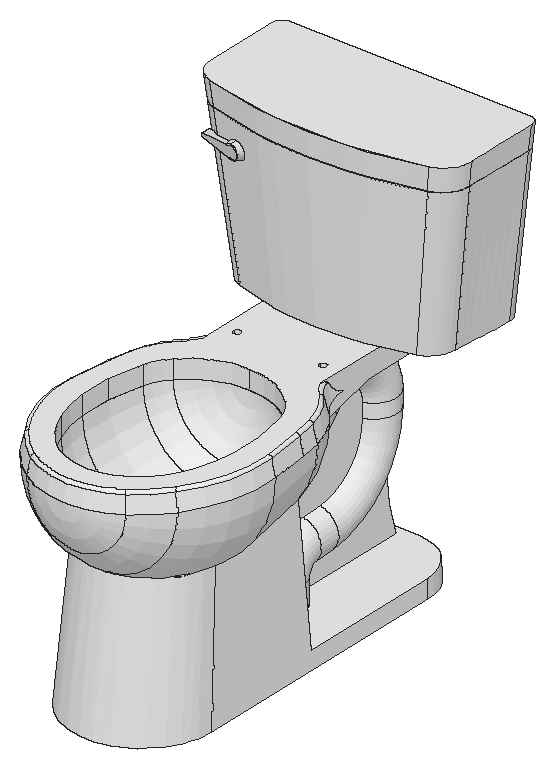
Revit family "Plumbing-Pressure-Assist-Water-Closet-Sloan-Valve-WETS-80298016_", category Plumbing Fixtures, host Face, Revit 2019
Family settings
  Host = Face
  Round Connector Dimension = Use Diameter
  Part Type = Normal
  OmniClass Number = 23.45.05.21.11.11
  OmniClass Title = Water Operated Water Closets
  Cut with Voids When Loaded = No
  Shared = No
  Room Calculation Point = No
Parameters (values of type "WETS-8029.8016")
  Width = 18 1/4"  # constant formula
  Water Closet Code = "2108029"
  Valve Pressure Drop = 0.00 psi
  Tank Code = "2108016"
  Sanitary Drain Connector Description = "Sanitary Drain Connector d2 1/8\""
  Sanitary Drain Connection Diameter = 2 1/8"  # constant formula
  Real Distance to Wall [instance] = if(Distance to Wall < 3/4", 3/4", Distance to Wall)  # 3/4"
  Waste Connection = yes
  WFU = 10
  Vent Connection = yes
  URL = "www.sloanvalve.com"
  Product data url = "https://bimobject.com/sloan_valve/product/pressure-assist-water-closets_sloan_wets-80298016"
  Product Material = Sloan Valve - Vitreous China - White
  Product Guid = ""
  Part Number = "WETS-8029.8016"
  Model = "WETS-8029.8016"
  Minimum Static Pressure = "25 PSI (172 kPa)"  # constant formula
  Maximum Static Pressure = "80 PSI (552 kPa)\r"  # constant formula
  Manufacturer = "Sloan Valve"  # constant formula
  Keynote = "15410"
  Height = 29 5/8"  # constant formula
  HWFU = 0
  HW Connection = yes
  Flush Rate = "1.0 gpf (3.8 Lpf)"
  Depth = 30 3/8"  # constant formula
  Cold Water Connector Description = "Cold Water Connector d1/2\""
  Cold Water Connection Diameter = 1/2"  # constant formula
  Edition number = 1
  Distance to Wall [instance] = 3/4"
  Description = "Floor-Mounted 1.0 gpf (3.8 Lpf) ADA 12\" Rough-in Pressure-Assisted/Tank Toilet."
  Default Elevation = 0"
  CWFU = 10
  CW Connection = yes
  Assembly Code = "D2010"
  ADA Compliant [instance] = 1 = 1  # yes
Reference planes
  plane 1 "Center (Front/Back)": y = 0
  plane 2: z = 0
  plane 3 "Center (Left/Right)": x = 0
  plane 4: x = -201.612
  plane 5: x = 201.613
  plane 6: y = -762.786
  plane 7: y = -19.05
  plane 8: x = -201.612
  plane 9: x = 201.613
  plane 10: y = -762.786
  plane 11: y = -19.05
Forms (mm)
  Blend 1, solid, material "Sloan Valve - Vitreous China - White" <- "Product Material"
    base sketch origin (0, 0, 38.1) x (1, 0, 0) y (0, 1, 0)
      loop
        arc (-34.925, -45.045) -> (-97.787, -71.084) -> (-123.825, -133.945) r 88.9
        line (-123.825, -133.945) -> (-123.825, -615.95)
        arc (-123.825, -615.95) -> (0, -739.775) -> (123.825, -615.95) r 123.825
        line (123.825, -615.95) -> (123.825, -133.945)
        arc (123.825, -133.945) -> (97.787, -71.084) -> (34.925, -45.045) r 88.9
        line (34.925, -45.045) -> (-34.925, -45.045)
    top sketch origin (0, 0, 38.1) x (1, 0, 0) y (0, 1, 0)
      loop
        arc (-109.537, -584.301) -> (0, -693.838) -> (109.537, -584.301) r 109.537
        line (109.537, -584.301) -> (109.537, -133.945)
        arc (109.537, -133.945) -> (83.499, -71.084) -> (20.637, -45.045) r 88.9
        line (20.637, -45.045) -> (-20.637, -45.045)
        arc (-20.637, -45.045) -> (-83.499, -71.084) -> (-109.537, -133.945) r 88.9
        line (-109.537, -133.945) -> (-109.537, -584.301)
    from -38.1 to 312.058
  Extrusion 2, solid, material "Sloan Valve - Vitreous China - White" <- "Product Material"
    sketch origin (0, 0, 12.7) x (0, 1, 0) y (0, 0, 1)
      loop
        line (-369.05, 348.14) -> (-241.882, 379.846) -> (-70.211, 379.846) -> (-64.931, 440.2) -> (-185.947, 440.2)
        arc (-185.947, 440.2) -> (-192.127, 425.28) -> (-207.047, 419.1) r 21.1
        line (-207.047, 419.1) -> (-369.05, 419.1) -> (-369.05, 348.14)
    from -104.047 to 104.047
  Sweep 3, solid, material "Sloan Valve - Vitreous China - White" <- "Product Material"
    path origin (0, 0, 38.1) x (0, 1, 0) y (0, 0, 1)
      loop
        line (-304.8, -38.1) -> (-304.8, 30.289)
        arc (-304.8, 30.289) -> (-293.174, 59.429) -> (-264.682, 72.564) r 42.333
        line (-264.682, 72.564) -> (-226.487, 74.566)
        arc (-226.487, 74.566) -> (-134.627, 116.914) -> (-97.145, 210.864) r 136.485
        line (-97.145, 210.864) -> (-97.145, 236.948)
        arc (-97.145, 236.948) -> (-144.28, 307.387) -> (-227.373, 290.682) r 76.2
        arc (-227.373, 290.682) -> (-233.15, 284.615) -> (-238.657, 278.301) r 192.236
        arc (-238.657, 278.301) -> (-334.604, 206.706) -> (-452.54, 186.145) r 257.901
    profile origin (0, -304.8, 34.195) x (0, -1, 0) y (1, 0, 0)
      loop
        circle (0, 0) r 38.1
  Extrusion 4, solid, material "Sloan Valve - Vitreous China - White" <- "Product Material"
    sketch origin (22.443, 0, 38.1) x (0, 1, 0) y (0, 0, 1)
      loop
        line (-68.2, 389.4) -> (-235.377, 389.4) -> (-261.569, 382.87) -> (-496.95, 175.082) -> (-480.799, -9.525) -> (-58.189, -9.525)
        arc (-58.189, -9.525) -> (-82.15, 106.794) -> (-68.088, 224.72) r 370.607
        arc (-68.088, 224.72) -> (-59.936, 265.377) -> (-58.507, 306.818) r 254
        arc (-58.507, 306.818) -> (-61.916, 348.278) -> (-68.2, 389.4) r 598.021
    from -28.793 to -16.093
  Extrusion 5, solid, not visible
    sketch origin (0, 0, 0) x (1, 0, 0) y (0, 0, 1)
      loop
        circle (-152.4, 254) r 6.35
    from 0 to 0.794
  Blend 6, solid, material "Sloan Valve - Vitreous China - White" <- "Product Material"
    base sketch origin (0, 0.822, 430.81) x (1, 0, 0) y (0, 1, 0)
      loop
        line (-196.16, -48.519) -> (-186.739, -156.202)
        arc (-186.739, -156.202) -> (-176.518, -182.59) -> (-153.766, -199.416) r 50.8
        arc (-153.766, -199.416) -> (0, -226.96) -> (153.766, -199.416) r 442.975
        arc (153.766, -199.416) -> (176.518, -182.59) -> (186.739, -156.202) r 50.8
        line (186.739, -156.202) -> (196.16, -48.519)
        arc (196.16, -48.519) -> (191.227, -33.989) -> (177.182, -27.809) r 19.05
        line (177.182, -27.809) -> (-177.182, -27.809)
        arc (-177.182, -27.809) -> (-191.227, -33.989) -> (-196.16, -48.519) r 19.05
    top sketch origin (0, 0.822, 430.81) x (1, 0, 0) y (0, 1, 0)
      loop
        arc (-212.725, -19.872) -> (-226.195, -25.451) -> (-231.775, -38.922) r 19.05
        line (-231.775, -38.922) -> (-231.775, -172.47)
        arc (-231.775, -172.47) -> (-221.507, -203.094) -> (-194.854, -221.338) r 50.8
        arc (-194.854, -221.338) -> (0, -248.472) -> (194.854, -221.338) r 713.209
        arc (194.854, -221.338) -> (221.507, -203.094) -> (231.775, -172.47) r 50.8
        line (231.775, -172.47) -> (231.775, -38.922)
        arc (231.775, -38.922) -> (226.195, -25.451) -> (212.725, -19.872) r 19.05
        line (212.725, -19.872) -> (-212.725, -19.872)
    from -37.11 to 321.665
  Extrusion 7, solid, material "Sloan Valve - Finish - Polished Chrome"
    sketch origin (-20.292, -269.587, 924.407) x (-0.97881, 0.203994, 0.017847) y (0, 0.087156, -0.996195)
      loop
        line (127, 257.261) -> (188.747, 261.579)
        arc (188.747, 261.579) -> (192.467, 265.466) -> (188.955, 269.542) r 4.001
        line (188.955, 269.542) -> (127, 277.149) -> (127, 257.261)
    from 0 to 12.7
  Revolve 8, solid, material "Sloan Valve - Finish - Polished Chrome"
    sketch origin (-369.854, -1316.287, 832.833) x (-0.204773, -0.975085, -0.085309) y (0, 0.087156, -0.996195)
      loop
        line (-1100.014, 265.639) -> (-1087.314, 265.639) -> (-1087.314, 277.803) -> (-1087.756, 278.482) -> (-1100.014, 282.465) -> (-1100.014, 265.639)
      axis (-1100.014, 265.639) -> (-1087.314, 265.639)
    angle from 0 to 360
  Revolve 9, solid, material "Sloan Valve - Vitreous China - White" <- "Product Material"
    sketch origin (0, -107.509, 398.463) x (1, 0, 0) y (0, 1, 0)
      loop
        line (0, -683.066) -> (0, -633.619)
        arc (0, -633.619) -> (-54.455, -620.155) -> (-96.361, -582.866) r 116.854
        arc (-96.361, -582.866) -> (-108.844, -562.27) -> (-118.928, -540.399) r 213.603
        arc (-118.928, -540.399) -> (-129.044, -507.813) -> (-134.203, -474.085) r 228.843
        arc (-134.203, -474.085) -> (-133.643, -413.542) -> (-122.68, -353.997) r 350.763
        arc (-122.68, -353.997) -> (-114.097, -332.991) -> (-100.788, -314.61) r 95.25
        arc (-100.788, -314.61) -> (-55.004, -282.028) -> (0, -270.524) r 137.251
        line (0, -270.524) -> (0, -209.239)
        arc (0, -209.239) -> (-18.194, -209.694) -> (-36.342, -211.057) r 364.157
        arc (-36.342, -211.057) -> (-122.715, -249.087) -> (-170.133, -330.684) r 152.4
        arc (-170.133, -330.684) -> (-180.229, -386.679) -> (-186.583, -443.221) r 855.912
        arc (-186.583, -443.221) -> (-178.018, -528.288) -> (-140.189, -604.962) r 240.102
        arc (-140.189, -604.962) -> (-116.352, -632.223) -> (-88.426, -655.277) r 223.457
        arc (-88.426, -655.277) -> (-46.345, -675.956) -> (0, -683.066) r 154.581
      axis (0, -209.239) -> (0, -683.066)
    angle from 0 to 180
  Extrusion 10, solid, material "Sloan Valve - Vitreous China - White" <- "Product Material"
    sketch origin (0, -122.297, 36.415) x (1, 0, 0) y (0, 0, 1)
      loop
        arc (57.698, 221.011) -> (0.981, 212.195) -> (-56.307, 215.748) r 266.082
        line (-56.307, 215.748) -> (-39.243, 151.174)
        arc (-39.243, 151.174) -> (0, 120.954) -> (39.243, 151.174) r 40.59
        line (39.243, 151.174) -> (57.698, 221.011)
    from 346.299 to 429.496
  Blend 11, solid, material "Sloan Valve - Vitreous China - White" <- "Product Material"
    base sketch origin (0, -108.545, 413.2) x (1, 0, 0) y (0, 0, 1)
      loop
        line (25.325, -14.42) -> (-25.325, -14.42) -> (-25.325, -20.654)
        arc (-25.325, -20.654) -> (0, -45.979) -> (25.325, -20.654) r 25.325
        line (25.325, -20.654) -> (25.325, -14.42)
    top sketch origin (0, -108.545, 413.2) x (1, 0, 0) y (0, 0, 1)
      loop
        line (46.038, -14.42) -> (-46.037, -14.42) -> (-46.037, -23.887)
        arc (-46.037, -23.887) -> (0, -69.925) -> (46.038, -23.887) r 46.037
        line (46.038, -23.887) -> (46.038, -14.42)
    from 129.035 to 108.105
  Blend 12, solid, material "Sloan Valve - Vitreous China - White" <- "Product Material"
    base sketch origin (0, -108.545, 413.2) x (1, 0, 0) y (0, 0, 1)
      loop
        line (46.038, -14.42) -> (-46.037, -14.42) -> (-46.037, -23.887)
        arc (-46.037, -23.887) -> (0, -69.925) -> (46.038, -23.887) r 46.037
        line (46.038, -23.887) -> (46.038, -14.42)
    top sketch origin (0, -108.545, 413.2) x (1, 0, 0) y (0, 0, 1)
      loop
        line (46.038, -14.42) -> (-46.037, -14.42) -> (-46.037, -43.731)
        arc (-46.037, -43.731) -> (0, -89.769) -> (46.038, -43.731) r 46.038
        line (46.038, -43.731) -> (46.038, -14.42)
    from 108.105 to 38.1
  Sweep 13, solid, material "Sloan Valve - Vitreous China - White" <- "Product Material"
    path origin (0, -122.297, 38.1) x (0, 1, 0) y (0, 0, 1)
      loop
        arc (-352.549, 201.173) -> (-327.484, 201.16) -> (-302.744, 205.182) r 155.194
        arc (-302.744, 205.182) -> (-278.132, 217.142) -> (-260.549, 238.11) r 65.532
        arc (-260.549, 238.11) -> (-246.125, 268.805) -> (-234.718, 300.744) r 352.298
        arc (-234.718, 300.744) -> (-234.446, 301.431) -> (-234.066, 302.064) r 4.499
        arc (-234.066, 302.064) -> (-210.936, 321.963) -> (-181.277, 329.121) r 65.024
        line (-181.277, 329.121) -> (-115.283, 329.121)
    profile origin (0, -270.577, 367.221) x (0, 0, 1) y (1, 0, 0)
      loop
        line (25.325, -25.325) -> (25.325, 25.325)
        arc (25.325, 25.325) -> (0, 0) -> (25.325, -25.325) r 25.325
  Sweep 14, solid, material "Sloan Valve - Vitreous China - White" <- "Product Material"
    path origin (0, 0, 38.1) x (1, 0, 0) y (0, 1, 0)
      loop
        line (-104.047, -185.947) -> (-104.047, -295.646)
        arc (-104.047, -295.646) -> (-111.251, -333.222) -> (-131.841, -365.47) r 101.6
        arc (-131.841, -365.47) -> (-155.982, -399.201) -> (-170.133, -438.192) r 152.4
        arc (-170.133, -438.192) -> (-174.125, -457.895) -> (-177.652, -477.686) r 855.912
        arc (-177.652, -477.686) -> (-182.903, -514.112) -> (-186.583, -550.729) r 855.912
        arc (-186.583, -550.729) -> (-178.018, -635.797) -> (-140.189, -712.47) r 240.102
        arc (-140.189, -712.47) -> (-116.352, -739.732) -> (-88.426, -762.786) r 223.457
        arc (-88.426, -762.786) -> (0, -790.575) -> (88.426, -762.786) r 154.581
        arc (88.426, -762.786) -> (116.352, -739.732) -> (140.189, -712.47) r 223.457
        arc (140.189, -712.47) -> (178.018, -635.797) -> (186.583, -550.729) r 240.102
        arc (186.583, -550.729) -> (182.903, -514.112) -> (177.652, -477.686) r 855.912
        arc (177.652, -477.686) -> (174.125, -457.895) -> (170.133, -438.192) r 855.912
        arc (170.133, -438.192) -> (155.982, -399.201) -> (131.841, -365.47) r 152.4
        arc (131.841, -365.47) -> (111.251, -333.222) -> (104.047, -295.646) r 101.6
        line (104.047, -295.646) -> (104.047, -185.947)
    profile origin (0, -790.575, 38.1) x (0, 1, 0) y (0, 0, 1)
      loop
        line (0, 360.362) -> (18.191, 360.362) -> (18.191, 393.7) -> (12.748, 393.7)
        arc (12.748, 393.7) -> (8.795, 392.32) -> (6.56, 388.778) r 6.35
        line (6.56, 388.778) -> (0, 360.362)
  Extrusion 15, void
    sketch origin (0, 0, 38.1) x (1, 0, 0) y (0, 1, 0)
      loop
        arc (118.928, -647.907) -> (129.044, -615.321) -> (134.203, -581.593) r 228.843
        arc (134.203, -581.593) -> (135.243, -552.98) -> (133.946, -524.377) r 350.763
        arc (133.946, -524.377) -> (129.747, -492.684) -> (122.68, -461.506) r 350.763
        arc (122.68, -461.506) -> (114.097, -440.499) -> (100.788, -422.119) r 95.25
        arc (100.788, -422.119) -> (55.004, -389.536) -> (0, -378.032) r 137.251
        arc (0, -378.032) -> (-55.004, -389.536) -> (-100.788, -422.119) r 137.251
        arc (-100.788, -422.119) -> (-114.097, -440.499) -> (-122.68, -461.506) r 95.25
        arc (-122.68, -461.506) -> (-129.747, -492.684) -> (-133.946, -524.377) r 350.763
        arc (-133.946, -524.377) -> (-135.243, -552.98) -> (-134.203, -581.593) r 350.763
        arc (-134.203, -581.593) -> (-129.044, -615.321) -> (-118.928, -647.907) r 228.843
        arc (-118.928, -647.907) -> (-108.844, -669.778) -> (-96.361, -690.375) r 213.603
        arc (-96.361, -690.375) -> (-54.455, -727.664) -> (0, -741.127) r 116.854
        arc (0, -741.127) -> (54.455, -727.664) -> (96.361, -690.375) r 116.854
        arc (96.361, -690.375) -> (108.844, -669.778) -> (118.928, -647.907) r 213.603
    from 360.362 to 393.7
  Extrusion 16, solid, material "Sloan Valve - Vitreous China - White" <- "Product Material"
    sketch origin (0, 0, 38.1) x (1, 0, 0) y (0, 1, 0)
      loop
        arc (-168.448, -552.159) -> (-160.532, -630.781) -> (-125.569, -701.646) r 221.912
        arc (-125.569, -701.646) -> (-103.673, -726.688) -> (-78.02, -747.865) r 205.266
        arc (-78.02, -747.865) -> (0, -772.384) -> (78.02, -747.865) r 136.39
        arc (78.02, -747.865) -> (103.673, -726.688) -> (125.569, -701.646) r 205.266
        arc (125.569, -701.646) -> (160.532, -630.781) -> (168.448, -552.159) r 221.912
        arc (168.448, -552.159) -> (164.847, -516.319) -> (159.708, -480.668) r 837.721
        arc (159.708, -480.668) -> (156.255, -461.297) -> (152.348, -442.013) r 837.721
        arc (152.348, -442.013) -> (139.886, -407.676) -> (118.627, -377.971) r 134.209
        arc (118.627, -377.971) -> (110.867, -368.903) -> (104.047, -359.107) r 119.791
        line (104.047, -359.107) -> (104.047, -369.05) -> (-104.047, -369.05) -> (-104.047, -359.107)
        arc (-104.047, -359.107) -> (-110.867, -368.903) -> (-118.627, -377.971) r 119.791
        arc (-118.627, -377.971) -> (-139.886, -407.676) -> (-152.348, -442.013) r 134.209
        arc (-152.348, -442.013) -> (-156.255, -461.297) -> (-159.708, -480.668) r 837.721
        arc (-159.708, -480.668) -> (-164.847, -516.319) -> (-168.448, -552.159) r 837.721
    from 360.362 to 393.7
  Extrusion 17, void
    sketch origin (0, 0, 38.1) x (0, 1, 0) y (0, 0, 1)
      loop
        line (-419.1, 368.114) -> (-392.915, -6.35) -> (-10.202, -6.35) -> (-10.202, 368.114) -> (-419.1, 368.114)
    from -219.74 to 304.8
  Revolve 18, void
    sketch origin (0, -107.509, 398.463) x (1, 0, 0) y (0, 1, 0)
      loop
        line (0, -639.969) -> (0, -264.174)
        arc (0, -264.174) -> (-57.549, -276.21) -> (-105.451, -310.3) r 143.601
        arc (-105.451, -310.3) -> (-119.647, -329.906) -> (-128.802, -352.313) r 101.6
        arc (-128.802, -352.313) -> (-139.964, -412.935) -> (-140.534, -474.574) r 357.113
        arc (-140.534, -474.574) -> (-135.232, -509.238) -> (-124.835, -542.728) r 235.193
        arc (-124.835, -542.728) -> (-114.451, -565.249) -> (-101.598, -586.458) r 219.953
        arc (-101.598, -586.458) -> (-57.414, -625.773) -> (0, -639.969) r 123.204
      axis (0, -264.174) -> (0, -639.969)
    angle from 0 to 180
  Extrusion 19, void
    sketch origin (0, 0, 38.1) x (1, 0, 0) y (0, 1, 0)
      loop
        circle (-76.2, -307.975) r 6.35
      loop
        circle (76.2, -307.975) r 6.35
    from 341.312 to 499.954
  Extrusion 20, void
    sketch origin (0, 0, 31.75) x (1, 0, 0) y (0, 1, 0)
      loop
        arc (-212.725, -19.05) -> (-226.195, -24.63) -> (-231.775, -38.1) r 19.05
        line (-231.775, -38.1) -> (-231.775, -171.649)
        arc (-231.775, -171.649) -> (-221.507, -202.272) -> (-194.854, -220.516) r 50.8
        arc (-194.854, -220.516) -> (0, -247.65) -> (194.854, -220.516) r 713.209
        arc (194.854, -220.516) -> (221.507, -202.272) -> (231.775, -171.649) r 50.8
        line (231.775, -171.649) -> (231.775, -38.1)
        arc (231.775, -38.1) -> (226.195, -24.63) -> (212.725, -19.05) r 19.05
        line (212.725, -19.05) -> (-212.725, -19.05)
      loop
        line (-225.425, -38.1) -> (-225.425, -171.649)
        arc (-225.425, -171.649) -> (-216.441, -198.444) -> (-193.119, -214.408) r 44.45
        arc (-193.119, -214.408) -> (0, -241.3) -> (193.119, -214.408) r 706.859
        arc (193.119, -214.408) -> (216.441, -198.444) -> (225.425, -171.649) r 44.45
        line (225.425, -171.649) -> (225.425, -38.1)
        arc (225.425, -38.1) -> (221.705, -29.12) -> (212.725, -25.4) r 12.7
        line (212.725, -25.4) -> (-212.725, -25.4)
        arc (-212.725, -25.4) -> (-221.705, -29.12) -> (-225.425, -38.1) r 12.7
    from 678.093 to 679.681
  Extrusion 21, void
    sketch origin (0, 0, 0) x (0, 1, 0) y (0, 0, 1)
      loop
        line (-277.581, 431.8) -> (-277.581, 374.943) -> (-19.05, 374.943) -> (-19.05, 431.8) -> (-277.581, 431.8)
    from -215.364 to 214.072
  Blend 22, solid, material "Sloan Valve - Vitreous China - White" <- "Product Material", not visible
    base sketch origin (0, 0, 38.1) x (1, 0, 0) y (0, 1, 0)
      loop
        arc (-34.925, -45.045) -> (-97.787, -71.084) -> (-123.825, -133.945) r 88.9
        line (-123.825, -133.945) -> (-123.825, -615.95)
        arc (-123.825, -615.95) -> (0, -739.775) -> (123.825, -615.95) r 123.825
        line (123.825, -615.95) -> (123.825, -133.945)
        arc (123.825, -133.945) -> (97.787, -71.084) -> (34.925, -45.045) r 88.9
        line (34.925, -45.045) -> (-34.925, -45.045)
    top sketch origin (0, 0, 38.1) x (1, 0, 0) y (0, 1, 0)
      loop
        arc (-109.537, -584.301) -> (0, -693.838) -> (109.537, -584.301) r 109.537
        line (109.537, -584.301) -> (109.537, -133.945)
        arc (109.537, -133.945) -> (83.499, -71.084) -> (20.637, -45.045) r 88.9
        line (20.637, -45.045) -> (-20.637, -45.045)
        arc (-20.637, -45.045) -> (-83.499, -71.084) -> (-109.537, -133.945) r 88.9
        line (-109.537, -133.945) -> (-109.537, -584.301)
    from -38.1 to 312.058
  Extrusion 23, solid, material "Sloan Valve - Vitreous China - White" <- "Product Material", not visible
    sketch origin (0, 0, 12.7) x (0, 1, 0) y (0, 0, 1)
      loop
        line (-369.05, 348.14) -> (-241.882, 379.846) -> (-70.211, 379.846) -> (-64.931, 440.2) -> (-185.947, 440.2)
        arc (-185.947, 440.2) -> (-192.127, 425.28) -> (-207.047, 419.1) r 21.1
        line (-207.047, 419.1) -> (-369.05, 419.1) -> (-369.05, 348.14)
    from -104.047 to 104.047
  Sweep 24, solid, material "Sloan Valve - Vitreous China - White" <- "Product Material", not visible
    path origin (0, 0, 38.1) x (0, 1, 0) y (0, 0, 1)
      loop
        line (-304.8, -38.1) -> (-304.8, 30.289)
        arc (-304.8, 30.289) -> (-293.174, 59.429) -> (-264.682, 72.564) r 42.333
        line (-264.682, 72.564) -> (-226.487, 74.566)
        arc (-226.487, 74.566) -> (-134.627, 116.914) -> (-97.145, 210.864) r 136.485
        line (-97.145, 210.864) -> (-97.145, 236.948)
        arc (-97.145, 236.948) -> (-144.28, 307.387) -> (-227.373, 290.682) r 76.2
        arc (-227.373, 290.682) -> (-233.15, 284.615) -> (-238.657, 278.301) r 192.236
        arc (-238.657, 278.301) -> (-334.604, 206.706) -> (-452.54, 186.145) r 257.901
    profile origin (0, -304.8, 34.195) x (0, -1, 0) y (1, 0, 0)
      loop
        circle (0, 0) r 38.1
  Extrusion 25, solid, material "Sloan Valve - Vitreous China - White" <- "Product Material", not visible
    sketch origin (22.443, 0, 38.1) x (0, 1, 0) y (0, 0, 1)
      loop
        line (-68.2, 389.4) -> (-235.377, 389.4) -> (-261.569, 382.87) -> (-496.95, 175.082) -> (-480.799, -9.525) -> (-58.189, -9.525)
        arc (-58.189, -9.525) -> (-82.15, 106.794) -> (-68.088, 224.72) r 370.607
        arc (-68.088, 224.72) -> (-59.936, 265.377) -> (-58.507, 306.818) r 254
        arc (-58.507, 306.818) -> (-61.916, 348.278) -> (-68.2, 389.4) r 598.021
    from -28.793 to -16.093
  Blend 26, solid, material "Sloan Valve - Vitreous China - White" <- "Product Material", not visible
    base sketch origin (0, 0.822, 430.81) x (1, 0, 0) y (0, 1, 0)
      loop
        line (-196.16, -48.519) -> (-186.739, -156.202)
        arc (-186.739, -156.202) -> (-176.518, -182.59) -> (-153.766, -199.416) r 50.8
        arc (-153.766, -199.416) -> (0, -226.96) -> (153.766, -199.416) r 442.975
        arc (153.766, -199.416) -> (176.518, -182.59) -> (186.739, -156.202) r 50.8
        line (186.739, -156.202) -> (196.16, -48.519)
        arc (196.16, -48.519) -> (191.227, -33.989) -> (177.182, -27.809) r 19.05
        line (177.182, -27.809) -> (-177.182, -27.809)
        arc (-177.182, -27.809) -> (-191.227, -33.989) -> (-196.16, -48.519) r 19.05
    top sketch origin (0, 0.822, 430.81) x (1, 0, 0) y (0, 1, 0)
      loop
        arc (-212.725, -19.872) -> (-226.195, -25.451) -> (-231.775, -38.922) r 19.05
        line (-231.775, -38.922) -> (-231.775, -172.47)
        arc (-231.775, -172.47) -> (-221.507, -203.094) -> (-194.854, -221.338) r 50.8
        arc (-194.854, -221.338) -> (0, -248.472) -> (194.854, -221.338) r 713.209
        arc (194.854, -221.338) -> (221.507, -203.094) -> (231.775, -172.47) r 50.8
        line (231.775, -172.47) -> (231.775, -38.922)
        arc (231.775, -38.922) -> (226.195, -25.451) -> (212.725, -19.872) r 19.05
        line (212.725, -19.872) -> (-212.725, -19.872)
    from -37.11 to 321.665
  Extrusion 27, solid, material "Sloan Valve - Finish - Polished Chrome", not visible
    sketch origin (-20.292, -269.587, 924.407) x (-0.97881, 0.203994, 0.017847) y (0, 0.087156, -0.996195)
      loop
        line (127, 257.261) -> (188.747, 261.579)
        arc (188.747, 261.579) -> (192.467, 265.466) -> (188.955, 269.542) r 4.001
        line (188.955, 269.542) -> (127, 277.149) -> (127, 257.261)
    from 0 to 12.7
  Revolve 28, solid, material "Sloan Valve - Finish - Polished Chrome", not visible
    sketch origin (-369.854, -1316.287, 832.833) x (-0.204773, -0.975085, -0.085309) y (0, 0.087156, -0.996195)
      loop
        line (-1100.014, 265.639) -> (-1087.314, 265.639) -> (-1087.314, 277.803) -> (-1087.756, 278.482) -> (-1100.014, 282.465) -> (-1100.014, 265.639)
      axis (-1100.014, 265.639) -> (-1087.314, 265.639)
    angle from 0 to 360
  Revolve 29, solid, material "Sloan Valve - Vitreous China - White" <- "Product Material", not visible
    sketch origin (0, -107.509, 398.463) x (1, 0, 0) y (0, 1, 0)
      loop
        line (0, -683.066) -> (0, -633.619)
        arc (0, -633.619) -> (-54.455, -620.155) -> (-96.361, -582.866) r 116.854
        arc (-96.361, -582.866) -> (-108.844, -562.27) -> (-118.928, -540.399) r 213.603
        arc (-118.928, -540.399) -> (-129.044, -507.813) -> (-134.203, -474.085) r 228.843
        arc (-134.203, -474.085) -> (-133.643, -413.542) -> (-122.68, -353.997) r 350.763
        arc (-122.68, -353.997) -> (-114.097, -332.991) -> (-100.788, -314.61) r 95.25
        arc (-100.788, -314.61) -> (-55.004, -282.028) -> (0, -270.524) r 137.251
        line (0, -270.524) -> (0, -209.239)
        arc (0, -209.239) -> (-18.194, -209.694) -> (-36.342, -211.057) r 364.157
        arc (-36.342, -211.057) -> (-122.715, -249.087) -> (-170.133, -330.684) r 152.4
        arc (-170.133, -330.684) -> (-180.229, -386.679) -> (-186.583, -443.221) r 855.912
        arc (-186.583, -443.221) -> (-178.018, -528.288) -> (-140.189, -604.962) r 240.102
        arc (-140.189, -604.962) -> (-116.352, -632.223) -> (-88.426, -655.277) r 223.457
        arc (-88.426, -655.277) -> (-46.345, -675.956) -> (0, -683.066) r 154.581
      axis (0, -209.239) -> (0, -683.066)
    angle from 0 to 180
  Extrusion 30, solid, material "Sloan Valve - Vitreous China - White" <- "Product Material", not visible
    sketch origin (0, -122.297, 36.415) x (1, 0, 0) y (0, 0, 1)
      loop
        arc (57.698, 221.011) -> (0.981, 212.195) -> (-56.307, 215.748) r 266.082
        line (-56.307, 215.748) -> (-39.243, 151.174)
        arc (-39.243, 151.174) -> (0, 120.954) -> (39.243, 151.174) r 40.59
        line (39.243, 151.174) -> (57.698, 221.011)
    from 346.299 to 429.496
  Blend 31, solid, material "Sloan Valve - Vitreous China - White" <- "Product Material", not visible
    base sketch origin (0, -108.545, 413.2) x (1, 0, 0) y (0, 0, 1)
      loop
        line (25.325, -14.42) -> (-25.325, -14.42) -> (-25.325, -20.654)
        arc (-25.325, -20.654) -> (0, -45.979) -> (25.325, -20.654) r 25.325
        line (25.325, -20.654) -> (25.325, -14.42)
    top sketch origin (0, -108.545, 413.2) x (1, 0, 0) y (0, 0, 1)
      loop
        line (46.038, -14.42) -> (-46.037, -14.42) -> (-46.037, -23.887)
        arc (-46.037, -23.887) -> (0, -69.925) -> (46.038, -23.887) r 46.037
        line (46.038, -23.887) -> (46.038, -14.42)
    from 129.035 to 108.105
  Blend 32, solid, material "Sloan Valve - Vitreous China - White" <- "Product Material", not visible
    base sketch origin (0, -108.545, 413.2) x (1, 0, 0) y (0, 0, 1)
      loop
        line (46.038, -14.42) -> (-46.037, -14.42) -> (-46.037, -23.887)
        arc (-46.037, -23.887) -> (0, -69.925) -> (46.038, -23.887) r 46.037
        line (46.038, -23.887) -> (46.038, -14.42)
    top sketch origin (0, -108.545, 413.2) x (1, 0, 0) y (0, 0, 1)
      loop
        line (46.038, -14.42) -> (-46.037, -14.42) -> (-46.037, -43.731)
        arc (-46.037, -43.731) -> (0, -89.769) -> (46.038, -43.731) r 46.038
        line (46.038, -43.731) -> (46.038, -14.42)
    from 108.105 to 38.1
  Sweep 33, solid, material "Sloan Valve - Vitreous China - White" <- "Product Material", not visible
    path origin (0, -122.297, 38.1) x (0, 1, 0) y (0, 0, 1)
      loop
        arc (-352.549, 201.173) -> (-327.484, 201.16) -> (-302.744, 205.182) r 155.194
        arc (-302.744, 205.182) -> (-278.132, 217.142) -> (-260.549, 238.11) r 65.532
        arc (-260.549, 238.11) -> (-246.125, 268.805) -> (-234.718, 300.744) r 352.298
        arc (-234.718, 300.744) -> (-234.446, 301.431) -> (-234.066, 302.064) r 4.499
        arc (-234.066, 302.064) -> (-210.936, 321.963) -> (-181.277, 329.121) r 65.024
        line (-181.277, 329.121) -> (-115.283, 329.121)
    profile origin (0, -270.577, 367.221) x (0, 0, 1) y (1, 0, 0)
      loop
        line (25.325, -25.325) -> (25.325, 25.325)
        arc (25.325, 25.325) -> (0, 0) -> (25.325, -25.325) r 25.325
  Sweep 34, solid, material "Sloan Valve - Vitreous China - White" <- "Product Material", not visible
    path origin (0, 0, 38.1) x (1, 0, 0) y (0, 1, 0)
      loop
        line (-104.047, -185.947) -> (-104.047, -295.646)
        arc (-104.047, -295.646) -> (-111.251, -333.222) -> (-131.841, -365.47) r 101.6
        arc (-131.841, -365.47) -> (-155.982, -399.201) -> (-170.133, -438.192) r 152.4
        arc (-170.133, -438.192) -> (-174.125, -457.895) -> (-177.652, -477.686) r 855.912
        arc (-177.652, -477.686) -> (-182.903, -514.112) -> (-186.583, -550.729) r 855.912
        arc (-186.583, -550.729) -> (-178.018, -635.797) -> (-140.189, -712.47) r 240.102
        arc (-140.189, -712.47) -> (-116.352, -739.732) -> (-88.426, -762.786) r 223.457
        arc (-88.426, -762.786) -> (0, -790.575) -> (88.426, -762.786) r 154.581
        arc (88.426, -762.786) -> (116.352, -739.732) -> (140.189, -712.47) r 223.457
        arc (140.189, -712.47) -> (178.018, -635.797) -> (186.583, -550.729) r 240.102
        arc (186.583, -550.729) -> (182.903, -514.112) -> (177.652, -477.686) r 855.912
        arc (177.652, -477.686) -> (174.125, -457.895) -> (170.133, -438.192) r 855.912
        arc (170.133, -438.192) -> (155.982, -399.201) -> (131.841, -365.47) r 152.4
        arc (131.841, -365.47) -> (111.251, -333.222) -> (104.047, -295.646) r 101.6
        line (104.047, -295.646) -> (104.047, -185.947)
    profile origin (0, -790.575, 38.1) x (0, 1, 0) y (0, 0, 1)
      loop
        line (0, 360.362) -> (18.191, 360.362) -> (18.191, 393.7) -> (12.748, 393.7)
        arc (12.748, 393.7) -> (8.795, 392.32) -> (6.56, 388.778) r 6.35
        line (6.56, 388.778) -> (0, 360.362)
  Extrusion 35, void, not visible
    sketch origin (0, 0, 38.1) x (1, 0, 0) y (0, 1, 0)
      loop
        arc (118.928, -647.907) -> (129.044, -615.321) -> (134.203, -581.593) r 228.843
        arc (134.203, -581.593) -> (135.243, -552.98) -> (133.946, -524.377) r 350.763
        arc (133.946, -524.377) -> (129.747, -492.684) -> (122.68, -461.506) r 350.763
        arc (122.68, -461.506) -> (114.097, -440.499) -> (100.788, -422.119) r 95.25
        arc (100.788, -422.119) -> (55.004, -389.536) -> (0, -378.032) r 137.251
        arc (0, -378.032) -> (-55.004, -389.536) -> (-100.788, -422.119) r 137.251
        arc (-100.788, -422.119) -> (-114.097, -440.499) -> (-122.68, -461.506) r 95.25
        arc (-122.68, -461.506) -> (-129.747, -492.684) -> (-133.946, -524.377) r 350.763
        arc (-133.946, -524.377) -> (-135.243, -552.98) -> (-134.203, -581.593) r 350.763
        arc (-134.203, -581.593) -> (-129.044, -615.321) -> (-118.928, -647.907) r 228.843
        arc (-118.928, -647.907) -> (-108.844, -669.778) -> (-96.361, -690.375) r 213.603
        arc (-96.361, -690.375) -> (-54.455, -727.664) -> (0, -741.127) r 116.854
        arc (0, -741.127) -> (54.455, -727.664) -> (96.361, -690.375) r 116.854
        arc (96.361, -690.375) -> (108.844, -669.778) -> (118.928, -647.907) r 213.603
    from 360.362 to 393.7
  Extrusion 36, solid, material "Sloan Valve - Vitreous China - White" <- "Product Material", not visible
    sketch origin (0, 0, 38.1) x (1, 0, 0) y (0, 1, 0)
      loop
        arc (-168.448, -552.159) -> (-160.532, -630.781) -> (-125.569, -701.646) r 221.912
        arc (-125.569, -701.646) -> (-103.673, -726.688) -> (-78.02, -747.865) r 205.266
        arc (-78.02, -747.865) -> (0, -772.384) -> (78.02, -747.865) r 136.39
        arc (78.02, -747.865) -> (103.673, -726.688) -> (125.569, -701.646) r 205.266
        arc (125.569, -701.646) -> (160.532, -630.781) -> (168.448, -552.159) r 221.912
        arc (168.448, -552.159) -> (164.847, -516.319) -> (159.708, -480.668) r 837.721
        arc (159.708, -480.668) -> (156.255, -461.297) -> (152.348, -442.013) r 837.721
        arc (152.348, -442.013) -> (139.886, -407.676) -> (118.627, -377.971) r 134.209
        arc (118.627, -377.971) -> (110.867, -368.903) -> (104.047, -359.107) r 119.791
        line (104.047, -359.107) -> (104.047, -369.05) -> (-104.047, -369.05) -> (-104.047, -359.107)
        arc (-104.047, -359.107) -> (-110.867, -368.903) -> (-118.627, -377.971) r 119.791
        arc (-118.627, -377.971) -> (-139.886, -407.676) -> (-152.348, -442.013) r 134.209
        arc (-152.348, -442.013) -> (-156.255, -461.297) -> (-159.708, -480.668) r 837.721
        arc (-159.708, -480.668) -> (-164.847, -516.319) -> (-168.448, -552.159) r 837.721
    from 360.362 to 393.7
  Extrusion 37, void, not visible
    sketch origin (0, 0, 38.1) x (0, 1, 0) y (0, 0, 1)
      loop
        line (-419.1, 368.114) -> (-392.915, -6.35) -> (-10.202, -6.35) -> (-10.202, 368.114) -> (-419.1, 368.114)
    from -219.74 to 304.8
  Revolve 38, void, not visible
    sketch origin (0, -107.509, 398.463) x (1, 0, 0) y (0, 1, 0)
      loop
        line (0, -639.969) -> (0, -264.174)
        arc (0, -264.174) -> (-57.549, -276.21) -> (-105.451, -310.3) r 143.601
        arc (-105.451, -310.3) -> (-119.647, -329.906) -> (-128.802, -352.313) r 101.6
        arc (-128.802, -352.313) -> (-139.964, -412.935) -> (-140.534, -474.574) r 357.113
        arc (-140.534, -474.574) -> (-135.232, -509.238) -> (-124.835, -542.728) r 235.193
        arc (-124.835, -542.728) -> (-114.451, -565.249) -> (-101.598, -586.458) r 219.953
        arc (-101.598, -586.458) -> (-57.414, -625.773) -> (0, -639.969) r 123.204
      axis (0, -264.174) -> (0, -639.969)
    angle from 0 to 180
  Extrusion 39, void, not visible
    sketch origin (0, 0, 38.1) x (1, 0, 0) y (0, 1, 0)
      loop
        circle (-76.2, -307.975) r 6.35
      loop
        circle (76.2, -307.975) r 6.35
    from 341.312 to 499.954
  Extrusion 40, void, not visible
    sketch origin (0, 0, 31.75) x (1, 0, 0) y (0, 1, 0)
      loop
        arc (-212.725, -19.05) -> (-226.195, -24.63) -> (-231.775, -38.1) r 19.05
        line (-231.775, -38.1) -> (-231.775, -171.649)
        arc (-231.775, -171.649) -> (-221.507, -202.272) -> (-194.854, -220.516) r 50.8
        arc (-194.854, -220.516) -> (0, -247.65) -> (194.854, -220.516) r 713.209
        arc (194.854, -220.516) -> (221.507, -202.272) -> (231.775, -171.649) r 50.8
        line (231.775, -171.649) -> (231.775, -38.1)
        arc (231.775, -38.1) -> (226.195, -24.63) -> (212.725, -19.05) r 19.05
        line (212.725, -19.05) -> (-212.725, -19.05)
      loop
        line (-225.425, -38.1) -> (-225.425, -171.649)
        arc (-225.425, -171.649) -> (-216.441, -198.444) -> (-193.119, -214.408) r 44.45
        arc (-193.119, -214.408) -> (0, -241.3) -> (193.119, -214.408) r 706.859
        arc (193.119, -214.408) -> (216.441, -198.444) -> (225.425, -171.649) r 44.45
        line (225.425, -171.649) -> (225.425, -38.1)
        arc (225.425, -38.1) -> (221.705, -29.12) -> (212.725, -25.4) r 12.7
        line (212.725, -25.4) -> (-212.725, -25.4)
        arc (-212.725, -25.4) -> (-221.705, -29.12) -> (-225.425, -38.1) r 12.7
    from 678.093 to 679.681
  Extrusion 41, void, not visible
    sketch origin (0, 0, 0) x (0, 1, 0) y (0, 0, 1)
      loop
        line (-277.581, 431.8) -> (-277.581, 374.943) -> (-19.05, 374.943) -> (-19.05, 431.8) -> (-277.581, 431.8)
    from -215.364 to 214.072
Cuts and joins
  joined: Extrusion 7, Revolve 8
  Extrusion 20, Extrusion 21 cuts Blend 6
  Extrusion 19 cuts Extrusion 2
  Extrusion 15 cuts Extrusion 16
  joined: Extrusion 2, Sweep 14, Extrusion 16
  Extrusion 17, Revolve 18 cuts Blend 1
Lines and regions (mm)
  Masking region 1
    outline origin (0, 0, 0) x (1, 0, 0) y (0, 1, 0)
      loop
        line (212.725, -19.05) -> (-212.725, -19.05)
        arc (-212.725, -19.05) -> (-226.195, -24.63) -> (-231.775, -38.1) r 19.05
        line (-231.775, -38.1) -> (-231.775, -171.649)
        arc (-231.775, -171.649) -> (-221.507, -202.272) -> (-194.854, -220.516) r 50.8
        arc (-194.854, -220.516) -> (-159.548, -229.575) -> (-123.825, -236.819) r 713.209
        line (-123.825, -236.819) -> (-123.825, -355.877)
        arc (-123.825, -355.877) -> (-127.686, -360.797) -> (-131.841, -365.47) r 101.6
        arc (-131.841, -365.47) -> (-155.982, -399.201) -> (-170.133, -438.192) r 152.4
        arc (-170.133, -438.192) -> (-174.125, -457.895) -> (-177.652, -477.686) r 855.912
        arc (-177.652, -477.686) -> (-182.903, -514.112) -> (-186.583, -550.729) r 855.912
        arc (-186.583, -550.729) -> (-178.018, -635.797) -> (-140.189, -712.47) r 240.102
        arc (-140.189, -712.47) -> (-116.352, -739.732) -> (-88.426, -762.786) r 223.457
        arc (-88.426, -762.786) -> (0, -790.575) -> (88.426, -762.786) r 154.581
        arc (88.426, -762.786) -> (116.352, -739.732) -> (140.189, -712.47) r 223.457
        arc (140.189, -712.47) -> (178.018, -635.797) -> (186.583, -550.729) r 240.102
        arc (186.583, -550.729) -> (182.903, -514.112) -> (177.652, -477.686) r 855.912
        arc (177.652, -477.686) -> (174.125, -457.895) -> (170.133, -438.192) r 855.912
        arc (170.133, -438.192) -> (155.982, -399.201) -> (131.841, -365.47) r 152.4
        arc (131.841, -365.47) -> (127.686, -360.797) -> (123.825, -355.877) r 101.6
        line (123.825, -355.877) -> (123.825, -236.819)
        arc (123.825, -236.819) -> (159.548, -229.575) -> (194.854, -220.516) r 713.209
        arc (194.854, -220.516) -> (221.507, -202.272) -> (231.775, -171.649) r 50.8
        line (231.775, -171.649) -> (231.775, -38.1)
        arc (231.775, -38.1) -> (226.195, -24.63) -> (212.725, -19.05) r 19.05
  Masking region 2, not visible
    outline origin (0, 0, 0) x (1, 0, 0) y (0, 1, 0)
      loop
        line (212.725, -19.05) -> (-212.725, -19.05)
        arc (-212.725, -19.05) -> (-226.195, -24.63) -> (-231.775, -38.1) r 19.05
        line (-231.775, -38.1) -> (-231.775, -171.649)
        arc (-231.775, -171.649) -> (-221.507, -202.272) -> (-194.854, -220.516) r 50.8
        arc (-194.854, -220.516) -> (-159.548, -229.575) -> (-123.825, -236.819) r 713.209
        line (-123.825, -236.819) -> (-123.825, -355.877)
        arc (-123.825, -355.877) -> (-127.686, -360.797) -> (-131.841, -365.47) r 101.6
        arc (-131.841, -365.47) -> (-155.982, -399.201) -> (-170.133, -438.192) r 152.4
        arc (-170.133, -438.192) -> (-174.125, -457.895) -> (-177.652, -477.686) r 855.912
        arc (-177.652, -477.686) -> (-182.903, -514.112) -> (-186.583, -550.729) r 855.912
        arc (-186.583, -550.729) -> (-178.018, -635.797) -> (-140.189, -712.47) r 240.102
        arc (-140.189, -712.47) -> (-116.352, -739.732) -> (-88.426, -762.786) r 223.457
        arc (-88.426, -762.786) -> (0, -790.575) -> (88.426, -762.786) r 154.581
        arc (88.426, -762.786) -> (116.352, -739.732) -> (140.189, -712.47) r 223.457
        arc (140.189, -712.47) -> (178.018, -635.797) -> (186.583, -550.729) r 240.102
        arc (186.583, -550.729) -> (182.903, -514.112) -> (177.652, -477.686) r 855.912
        arc (177.652, -477.686) -> (174.125, -457.895) -> (170.133, -438.192) r 855.912
        arc (170.133, -438.192) -> (155.982, -399.201) -> (131.841, -365.47) r 152.4
        arc (131.841, -365.47) -> (127.686, -360.797) -> (123.825, -355.877) r 101.6
        line (123.825, -355.877) -> (123.825, -236.819)
        arc (123.825, -236.819) -> (159.548, -229.575) -> (194.854, -220.516) r 713.209
        arc (194.854, -220.516) -> (221.507, -202.272) -> (231.775, -171.649) r 50.8
        line (231.775, -171.649) -> (231.775, -38.1)
        arc (231.775, -38.1) -> (226.195, -24.63) -> (212.725, -19.05) r 19.05
  symbolic lines, detail levels medium+fine
    curve 1: arc (-123.825, -236.819, 0) -> (0, -247.65, 0) -> (123.825, -236.819, 0) r 713.209
  symbolic lines, detail levels fine
    curve 2: arc (-100.788, -422.119, 0) -> (-55.004, -389.536, 0) -> (0, -378.032, 0) r 137.251
    curve 3: arc (0, -378.032, 0) -> (55.004, -389.536, 0) -> (100.788, -422.119, 0) r 137.251
    curve 4: arc (100.788, -422.119, 0) -> (114.097, -440.499, 0) -> (122.68, -461.506, 0) r 95.25
    curve 5: arc (122.68, -461.506, 0) -> (129.747, -492.684, 0) -> (133.946, -524.377, 0) r 350.763
    curve 6: arc (133.946, -524.377, 0) -> (135.243, -552.98, 0) -> (134.203, -581.593, 0) r 350.763
    curve 7: arc (134.203, -581.593, 0) -> (129.044, -615.321, 0) -> (118.928, -647.907, 0) r 228.843
    curve 8: arc (118.928, -647.907, 0) -> (108.844, -669.778, 0) -> (96.361, -690.375, 0) r 213.603
    curve 9: arc (96.361, -690.375, 0) -> (54.455, -727.664, 0) -> (0, -741.127, 0) r 116.854
    curve 10: arc (0, -741.127, 0) -> (-54.455, -727.664, 0) -> (-96.361, -690.375, 0) r 116.854
    curve 11: arc (-96.361, -690.375, 0) -> (-108.844, -669.778, 0) -> (-118.928, -647.907, 0) r 213.603
    curve 12: arc (-118.928, -647.907, 0) -> (-129.044, -615.321, 0) -> (-134.203, -581.593, 0) r 228.843
    curve 13: arc (-134.203, -581.593, 0) -> (-135.243, -552.98, 0) -> (-133.946, -524.377, 0) r 350.763
    curve 14: arc (-133.946, -524.377, 0) -> (-129.747, -492.684, 0) -> (-122.68, -461.506, 0) r 350.763
    curve 15: arc (-122.68, -461.506, 0) -> (-114.097, -440.499, 0) -> (-100.788, -422.119, 0) r 95.25
    curve 16: circle (-76.2, -307.975, 0) r 6.35 normal (0, 0, 1)
    curve 17: circle (76.2, -307.975, 0) r 6.35 normal (0, 0, 1)
  symbolic lines, not visible, detail levels medium+fine
    curve 18: arc (-123.825, -236.819, 0) -> (0, -247.65, 0) -> (123.825, -236.819, 0) r 713.209
  symbolic lines, not visible, detail levels fine
    curve 19: arc (-100.788, -422.119, 0) -> (-55.004, -389.536, 0) -> (0, -378.032, 0) r 137.251
    curve 20: arc (0, -378.032, 0) -> (55.004, -389.536, 0) -> (100.788, -422.119, 0) r 137.251
    curve 21: arc (100.788, -422.119, 0) -> (114.097, -440.499, 0) -> (122.68, -461.506, 0) r 95.25
    curve 22: arc (122.68, -461.506, 0) -> (129.747, -492.684, 0) -> (133.946, -524.377, 0) r 350.763
    curve 23: arc (133.946, -524.377, 0) -> (135.243, -552.98, 0) -> (134.203, -581.593, 0) r 350.763
    curve 24: arc (134.203, -581.593, 0) -> (129.044, -615.321, 0) -> (118.928, -647.907, 0) r 228.843
    curve 25: arc (118.928, -647.907, 0) -> (108.844, -669.778, 0) -> (96.361, -690.375, 0) r 213.603
    curve 26: arc (96.361, -690.375, 0) -> (54.455, -727.664, 0) -> (0, -741.127, 0) r 116.854
    curve 27: arc (0, -741.127, 0) -> (-54.455, -727.664, 0) -> (-96.361, -690.375, 0) r 116.854
    curve 28: arc (-96.361, -690.375, 0) -> (-108.844, -669.778, 0) -> (-118.928, -647.907, 0) r 213.603
    curve 29: arc (-118.928, -647.907, 0) -> (-129.044, -615.321, 0) -> (-134.203, -581.593, 0) r 228.843
    curve 30: arc (-134.203, -581.593, 0) -> (-135.243, -552.98, 0) -> (-133.946, -524.377, 0) r 350.763
    curve 31: arc (-133.946, -524.377, 0) -> (-129.747, -492.684, 0) -> (-122.68, -461.506, 0) r 350.763
    curve 32: arc (-122.68, -461.506, 0) -> (-114.097, -440.499, 0) -> (-100.788, -422.119, 0) r 95.25
    curve 33: circle (-76.2, -307.975, 0) r 6.35 normal (0, 0, 1)
    curve 34: circle (76.2, -307.975, 0) r 6.35 normal (0, 0, 1)
Dimensions and locks
  "Real Distance to Wall": plane 1 "Center (Front/Back)" to plane 7
  aligned and locked: plane 2 to host face
  aligned and locked: level to host face
  aligned and locked: Masking region 1 to plane 7
Automatic sketch dimensions
  host sketch curve to host sketch curve = 96"  (x2)
  plane 7 to Blend 1 sketch curve = 23 1/2"
  Blend 1 sketch curve to Blend 1 sketch curve = 3 1/2"  (x2)
  Blend 1 sketch curve to Blend 1 sketch curve = 4 7/8"
  Blend 1 sketch curve to Blend 1 sketch curve = 2 3/4"
  plane 7 to Blend 1 sketch curve = 4 67/128"
  plane 7 to Blend 1 sketch curve = 22.25397"
  plane 7 to Blend 1 sketch curve = 1 3/128"
  Blend 1 sketch curve to Blend 1 sketch curve = 4 5/16"
  Blend 1 sketch curve to Blend 1 sketch curve = 1 5/8"
  plane 7 to Extrusion 2 sketch curve = 13.77953"
  Extrusion 2 sketch curve to Extrusion 2 sketch curve = 5.00662"
  Extrusion 2 sketch curve to Extrusion 2 sketch curve = 1.37144"
  Extrusion 2 sketch curve to Extrusion 2 sketch curve = 0.83072"
  plane 7 to Extrusion 2 sketch curve = 2.01421"
  plane 7 to Extrusion 2 sketch curve = 1.80632"
  Extrusion 2 sketch curve to Extrusion 2 sketch curve = 1.24829"
  Extrusion 2 sketch curve to Extrusion 2 sketch curve = 2.7937"
  Sweep 3 sketch curve to profile plane = 0"  (x2)
  plane 7 to Extrusion 4 sketch curve = 25.07129"
  Extrusion 4 sketch curve to Extrusion 4 sketch curve = 6.25633"
  Extrusion 4 sketch curve to Extrusion 4 sketch curve = 0.63587"
  Extrusion 4 sketch curve to Extrusion 4 sketch curve = 7.2727"
  Extrusion 4 sketch curve to Extrusion 4 sketch curve = 1.99428"
  Extrusion 4 sketch curve to Extrusion 4 sketch curve = 1.03117"
  plane 7 to Extrusion 4 sketch curve = 1.54092"
  plane 7 to Extrusion 4 sketch curve = 1.93503"
  Extrusion 4 sketch curve to plane 7 = 12.09356"
  Extrusion 4 sketch curve to Extrusion 4 sketch curve = 5.1955"
  Extrusion 4 sketch curve to Extrusion 4 sketch curve = 7.268"
  Extrusion 4 sketch curve to Extrusion 4 sketch curve = 4 19/256"
  Extrusion 4 sketch curve to Extrusion 4 sketch curve = 4.71404"
  Extrusion 4 sketch curve to Extrusion 4 sketch curve = 3.46658"
  Extrusion 4 sketch curve to Extrusion 4 sketch curve = 0.2571"
  Extrusion 4 sketch curve to Extrusion 4 sketch curve = 0"
  Extrusion 5 sketch curve to plane 3 "Center (Left/Right)" = 6"
  level to Extrusion 5 sketch curve = 10"
  plane 4 to Blend 6 sketch curve = 0.21467"
  plane 4 to Blend 6 sketch curve = 0.58558"
  plane 7 to Blend 6 sketch curve = 5/16"
  plane 4 to Blend 6 sketch curve = 0.96182"
  Blend 6 sketch curve to Blend 6 sketch curve = 1.99239"
  plane 4 to Blend 6 sketch curve = 7 15/16"
  plane 5 to Blend 6 sketch curve = 2.57797"
  plane 5 to Blend 6 sketch curve = 0.96182"
  plane 5 to Blend 6 sketch curve = 0.58558"
  plane 5 to Blend 6 sketch curve = 0.21467"
  Blend 6 sketch curve to Blend 6 sketch curve = 3/4"  (x3)
  Blend 6 sketch curve to Blend 6 sketch curve = 4.13053"  (x2)
  Blend 6 sketch curve to Blend 6 sketch curve = 0.17431"  (x2)
  Blend 6 sketch curve to plane 7 = 9.28691"
  Blend 6 sketch curve to Blend 6 sketch curve = 0"  (x2)
  plane 7 to Blend 6 sketch curve = 0"
  plane 7 to Blend 6 sketch curve = 6 1/128"  (x2)
  Blend 6 sketch curve to Blend 6 sketch curve = 2"
  Blend 6 sketch curve to Blend 6 sketch curve = 8 3/8"
  Blend 6 sketch curve to Blend 6 sketch curve = 14 1/4"
  plane 7 to Blend 6 sketch curve = 3/4"
  Blend 6 sketch curve to Blend 6 sketch curve = 1 1/4"
  Blend 6 sketch curve to plane 7 = 19.0791"
  Extrusion 7 sketch curve to Extrusion 7 sketch curve = 2.41998"
  Extrusion 7 sketch curve to Extrusion 7 sketch curve = 0.01099"
  Extrusion 7 sketch curve to Extrusion 7 sketch curve = 0.0192"
  Extrusion 7 sketch curve to Extrusion 7 sketch curve = 0.16999"
  Extrusion 7 sketch curve to Extrusion 7 sketch curve = 0.15715"
  Extrusion 7 sketch curve to Extrusion 7 sketch curve = 0.78299"
  Revolve 8 sketch curve to Revolve 8 sketch curve = 0.48262"
  Revolve 8 sketch curve to Revolve 8 sketch curve = 1/2"
  Revolve 8 sketch curve to Revolve 8 sketch curve = 0.47889"
  Revolve 8 sketch curve to Revolve 8 sketch curve = 0.02676"
  Revolve 8 sketch curve to Revolve 8 sketch curve = 0.15681"
  Revolve 8 sketch curve to Revolve 8 sketch curve = 0"  (x2)
  Revolve 8 sketch curve to Revolve 8 sketch curve = 0.11261"
  plane 7 to Revolve 9 sketch curve = 18.41431"
  Revolve 9 sketch curve to Revolve 9 sketch curve = 0.38226"
  Revolve 9 sketch curve to Revolve 9 sketch curve = 213/256"
  Revolve 9 sketch curve to Revolve 9 sketch curve = 0"  (x10)
  Revolve 9 sketch curve to Revolve 9 sketch curve = 1.55117"
  Revolve 9 sketch curve to Revolve 9 sketch curve = 0.52667"
  Revolve 9 sketch curve to Revolve 9 sketch curve = 1.06316"
  Revolve 9 sketch curve to Revolve 9 sketch curve = 0.55817"
  Revolve 9 sketch curve to Revolve 9 sketch curve = 4.78572"
  Revolve 9 sketch curve to Revolve 9 sketch curve = 17.76248"
  Revolve 9 sketch curve to Revolve 9 sketch curve = 1.12242"
  Revolve 9 sketch curve to Revolve 9 sketch curve = 1.54616"
  Revolve 9 sketch curve to Revolve 9 sketch curve = 1.91616"
  Revolve 9 sketch curve to Revolve 9 sketch curve = 0.22012"
  Revolve 9 sketch curve to Revolve 9 sketch curve = 0.002"
  Revolve 9 sketch curve to Revolve 9 sketch curve = 0.38996"
  Revolve 9 sketch curve to Revolve 9 sketch curve = 2.4971"
  Revolve 9 sketch curve to Revolve 9 sketch curve = 1.76271"
  Revolve 9 sketch curve to Revolve 9 sketch curve = 0.46147"
  Revolve 9 sketch curve to Revolve 9 sketch curve = 1.76813"
  Revolve 9 sketch curve to Revolve 9 sketch curve = 2.37097"
  Revolve 9 sketch curve to Revolve 9 sketch curve = 1.94676"
  Revolve 9 sketch curve to Revolve 9 sketch curve = 0.65231"
  Revolve 9 sketch curve to Revolve 9 sketch curve = 3.62883"
  Revolve 9 sketch curve to Revolve 9 sketch curve = 2.41279"
  Revolve 9 sketch curve to Revolve 9 sketch curve = 0.18389"
  Revolve 9 sketch curve to Revolve 9 sketch curve = 1/2"
  Extrusion 10 sketch curve to Extrusion 10 sketch curve = 0.67182"
  Extrusion 10 sketch curve to Extrusion 10 sketch curve = 1.77234"
  Extrusion 10 sketch curve to Extrusion 10 sketch curve = 1.545"  (x2)
  Extrusion 10 sketch curve to Extrusion 10 sketch curve = 93/128"
  Extrusion 10 sketch curve to Extrusion 10 sketch curve = 0.40828"
  Extrusion 10 sketch curve to Extrusion 10 sketch curve = 2.54228"
  Extrusion 10 sketch curve to Extrusion 10 sketch curve = 2.74948"
  Blend 11 sketch curve to Blend 11 sketch curve = 0.99706"
  Blend 11 sketch curve to Blend 11 sketch curve = 0.24541"
  Blend 11 sketch curve to Blend 11 sketch curve = 1 13/16"
  Blend 11 sketch curve to Blend 11 sketch curve = 0.37271"
  Blend 12 sketch curve to Blend 12 sketch curve = 1 13/16"  (x2)
  Blend 12 sketch curve to Blend 12 sketch curve = 0.37271"
  Blend 12 sketch curve to Blend 12 sketch curve = 1.15396"
  plane 7 to Sweep 13 sketch curve = 26.57715"
  Sweep 13 sketch curve to Sweep 13 sketch curve = 9.12902"
  Sweep 13 sketch curve to Sweep 13 sketch curve = 0.84594"
  Sweep 13 sketch curve to Sweep 13 sketch curve = 3.46596"
  Sweep 13 sketch curve to Sweep 13 sketch curve = 1.9345"
  Sweep 13 sketch curve to Sweep 13 sketch curve = 0.18533"
  Sweep 13 sketch curve to Sweep 13 sketch curve = 1.3913"
  Sweep 13 sketch curve to Sweep 13 sketch curve = 1.1687"
  Sweep 13 sketch curve to Sweep 13 sketch curve = 3.42714"
  Sweep 13 sketch curve to Sweep 13 sketch curve = 1.86098"
  Sweep 13 sketch curve to Sweep 13 sketch curve = 1.34254"
  Sweep 13 sketch curve to Sweep 13 sketch curve = 1.96082"
  Sweep 13 sketch curve to Sweep 13 sketch curve = 0"  (x3)
  Sweep 13 sketch curve to Sweep 13 sketch curve = 2.59819"
  Sweep 13 sketch curve to profile plane = 0"
  Sweep 13 sketch curve to profile plane = 0.99706"  (x2)
  Sweep 14 sketch curve to Sweep 14 sketch curve = 0"  (x12)
  Sweep 14 sketch curve to plane 6 = 0"  (x4)
  plane 6 to Sweep 14 sketch curve = 5.70094"  (x2)
  plane 7 to Sweep 14 sketch curve = 10.88962"
  Sweep 14 sketch curve to Sweep 14 sketch curve = 18.15103"  (x2)
  Sweep 14 sketch curve to Sweep 14 sketch curve = 4"  (x2)
  Sweep 14 sketch curve to Sweep 14 sketch curve = 2.01849"
  Sweep 14 sketch curve to Sweep 14 sketch curve = 0.52667"  (x2)
  Sweep 14 sketch curve to Sweep 14 sketch curve = 1.24583"
  Sweep 14 sketch curve to Sweep 14 sketch curve = 1.55117"  (x2)
  Sweep 14 sketch curve to Sweep 14 sketch curve = 1.66402"
  Sweep 14 sketch curve to Sweep 14 sketch curve = 3.26432"
  plane 6 to Sweep 14 sketch curve = 4.99179"
  Sweep 14 sketch curve to Sweep 14 sketch curve = 2.22418"
  Sweep 14 sketch curve to Sweep 14 sketch curve = 0.38996"  (x2)
  Sweep 14 sketch curve to Sweep 14 sketch curve = 3.913"
  Sweep 14 sketch curve to Sweep 14 sketch curve = 6.87238"
  Sweep 14 sketch curve to Sweep 14 sketch curve = 5.26793"
  Sweep 14 sketch curve to Sweep 14 sketch curve = 0.29604"  (x2)
  Sweep 14 sketch curve to Sweep 14 sketch curve = 4.31887"  (x2)
  Sweep 14 sketch curve to profile plane = 0"
  Sweep 14 sketch curve to profile plane = 0.25828"
  Sweep 14 sketch curve to Sweep 14 sketch curve = 0.24359"
  Sweep 14 sketch curve to profile plane = 0.71616"
  profile plane to Sweep 14 sketch curve = 14 3/16"
  Sweep 14 sketch curve to Sweep 14 sketch curve = 1 1/16"
  Sweep 14 sketch curve to Sweep 14 sketch curve = 0.05624"
  Extrusion 15 sketch curve to Extrusion 15 sketch curve = 0"  (x20)
  plane 7 to Extrusion 15 sketch curve = 21.08289"
  Extrusion 15 sketch curve to Extrusion 15 sketch curve = 4.78572"  (x2)
  Extrusion 15 sketch curve to Extrusion 15 sketch curve = 0.55817"  (x2)
  Extrusion 15 sketch curve to Extrusion 15 sketch curve = 1.92673"  (x2)
  Extrusion 15 sketch curve to Extrusion 15 sketch curve = 3.141"
  Extrusion 15 sketch curve to Extrusion 15 sketch curve = 1.21427"  (x2)
  Extrusion 15 sketch curve to Extrusion 15 sketch curve = 0.37"  (x2)
  Extrusion 15 sketch curve to Extrusion 15 sketch curve = 0.22012"  (x2)
  Extrusion 15 sketch curve to Extrusion 15 sketch curve = 2.15467"
  Extrusion 15 sketch curve to Extrusion 15 sketch curve = 2.13627"
  Extrusion 15 sketch curve to Extrusion 15 sketch curve = 1.12242"  (x2)
  Extrusion 15 sketch curve to Extrusion 15 sketch curve = 1.58443"
  Extrusion 15 sketch curve to Extrusion 15 sketch curve = 1.57431"  (x2)
  Extrusion 16 sketch curve to Extrusion 16 sketch curve = 0"  (x15)
  plane 7 to Extrusion 16 sketch curve = 23.57999"  (x2)
  plane 7 to Extrusion 16 sketch curve = 10.88962"
  Extrusion 16 sketch curve to Extrusion 16 sketch curve = 18.15103"  (x2)
  Extrusion 16 sketch curve to Extrusion 16 sketch curve = 4"  (x2)
  Extrusion 16 sketch curve to Extrusion 16 sketch curve = 2.01849"
  Extrusion 16 sketch curve to Extrusion 16 sketch curve = 0.52667"  (x2)
  Extrusion 16 sketch curve to Extrusion 16 sketch curve = 1.24583"
  Extrusion 16 sketch curve to Extrusion 16 sketch curve = 1.55117"  (x2)
  Extrusion 16 sketch curve to Extrusion 16 sketch curve = 1.66402"
  Extrusion 16 sketch curve to Extrusion 16 sketch curve = 3.26432"
  Extrusion 16 sketch curve to Extrusion 16 sketch curve = 13.39952"
  Extrusion 16 sketch curve to Extrusion 16 sketch curve = 2.22418"  (x2)
  Extrusion 16 sketch curve to Extrusion 16 sketch curve = 0.38996"  (x2)
  Extrusion 16 sketch curve to Extrusion 16 sketch curve = 3.913"
  Extrusion 16 sketch curve to Extrusion 16 sketch curve = 3.98247"
  Extrusion 16 sketch curve to Extrusion 16 sketch curve = 0.39147"  (x2)
  Extrusion 16 sketch curve to Extrusion 16 sketch curve = 2.49844"
  Extrusion 16 sketch curve to Extrusion 16 sketch curve = 4.55398"
  Extrusion 16 sketch curve to Extrusion 16 sketch curve = 0.28975"  (x2)
  plane 7 to Extrusion 17 sketch curve = 15 3/4"
  Extrusion 17 sketch curve to Extrusion 17 sketch curve = 1.03091"
  Extrusion 17 sketch curve to plane 7 = 0.34835"
  Extrusion 17 sketch curve to Extrusion 17 sketch curve = 14.74266"
  plane 7 to Revolve 18 sketch curve = 18.41431"
  Revolve 18 sketch curve to Revolve 18 sketch curve = 1.21427"
  Revolve 18 sketch curve to Revolve 18 sketch curve = 3.141"
  Revolve 18 sketch curve to Revolve 18 sketch curve = 0.55817"
  Revolve 18 sketch curve to Revolve 18 sketch curve = 4.78572"
  Revolve 18 sketch curve to Revolve 18 sketch curve = 1.12242"
  Revolve 18 sketch curve to Revolve 18 sketch curve = 1.54616"
  Revolve 18 sketch curve to Revolve 18 sketch curve = 1.91616"
  Revolve 18 sketch curve to Revolve 18 sketch curve = 0.22012"
  Revolve 18 sketch curve to Revolve 18 sketch curve = 2.15467"
  Revolve 18 sketch curve to Revolve 18 sketch curve = 4.85057"
  Revolve 18 sketch curve to Revolve 18 sketch curve = 4.53114"
  Revolve 18 sketch curve to Revolve 18 sketch curve = 0"  (x5)
  Revolve 18 sketch curve to Revolve 18 sketch curve = 2.34667"
  Revolve 18 sketch curve to Revolve 18 sketch curve = 1/2"
  plane 7 to Extrusion 19 sketch curve = 11 3/8"
  Extrusion 19 sketch curve to Extrusion 19 sketch curve = 6"
  Extrusion 19 sketch curve to Extrusion 19 sketch curve = 0"
  Extrusion 20 sketch curve to Extrusion 20 sketch curve = 0"  (x17)
  plane 7 to Extrusion 20 sketch curve = 0"
  plane 7 to Extrusion 20 sketch curve = 6 1/128"  (x2)
  Extrusion 20 sketch curve to Extrusion 20 sketch curve = 1/4"
  Extrusion 20 sketch curve to Extrusion 20 sketch curve = 1/2"
  Extrusion 20 sketch curve to Extrusion 20 sketch curve = 1 3/4"  (x2)
  Extrusion 20 sketch curve to Extrusion 20 sketch curve = 8 3/8"
  Extrusion 20 sketch curve to Extrusion 20 sketch curve = 14 1/4"
  Extrusion 20 sketch curve to Extrusion 20 sketch curve = 1 1/4"
  Extrusion 20 sketch curve to plane 7 = 19.0791"
  Masking region 1 sketch curve to Masking region 1 sketch curve = 0"  (x21)
  Masking region 1 sketch curve to Masking region 1 sketch curve = 3/4"
  Masking region 1 sketch curve to Masking region 1 sketch curve = 1.02866"
  Masking region 1 sketch curve to Masking region 1 sketch curve = 2"  (x2)
  Masking region 1 sketch curve to Masking region 1 sketch curve = 2 1/4"  (x2)
  Masking region 1 sketch curve to Masking region 1 sketch curve = 2.79716"
  Masking region 1 sketch curve to Masking region 1 sketch curve = 0.52667"  (x2)
  Masking region 1 sketch curve to Masking region 1 sketch curve = 1.24583"
  Masking region 1 sketch curve to Masking region 1 sketch curve = 1.55117"  (x2)
  Masking region 1 sketch curve to Masking region 1 sketch curve = 1.66402"
  Masking region 1 sketch curve to Masking region 1 sketch curve = 0.70915"  (x2)
  Masking region 1 sketch curve to Masking region 1 sketch curve = 2.22418"  (x2)
  Masking region 1 sketch curve to Masking region 1 sketch curve = 0.38996"  (x2)
  Masking region 1 sketch curve to Masking region 1 sketch curve = 3.913"
  Masking region 1 sketch curve to Masking region 1 sketch curve = 4.50109"  (x2)
  Masking region 1 sketch curve to Masking region 1 sketch curve = 2.37129"  (x2)
